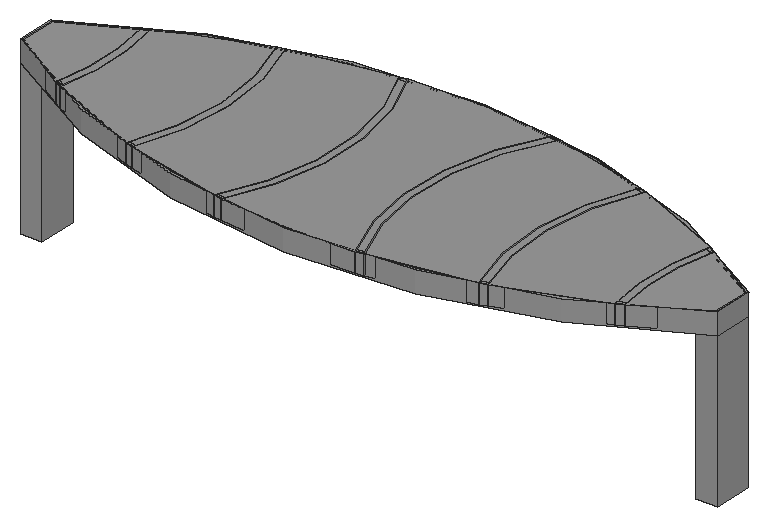
Revit family "14859 Скамейка стальная овальная «Регби» Хоббика", category Антураж, Revit 2018
Family settings
  На основе рабочей плоскости = Нет
  Всегда вертикально = Да
  При загрузке вырезать с полостями = Нет
  Источник визуального образа = Геометрия семейства
  Общий = Нет
  Точка расчета площади = Нет
Parameters (values of type "Скамейка стальная овальная «Регби»")
  Ширина = 650 mm  # constant formula
  Цвет сидения = HPL
  Цвет каркаса = Сталь
  Описание = "Скамейка стальная овальная «Регби»"  # constant formula
  Материал изделия = "Сталь, HPL"  # constant formula
  Изображение типоразмера = Скамейка стальная овальная «Регби» Арт 14859.jpg
  Изготовитель = "ООО «Хоббика»"  # constant formula
  Длина = 1800 mm  # constant formula
  Группа модели = "Скамейки"  # constant formula
  Высота = 450 mm  # constant formula
  Артикул товара = "Арт. 14859"  # constant formula
  URL = "https://hobbyka.ru/product/skameyka_ovalnaya_regbi/"
Reference planes
  plane 1 "По центру (Вперед/Назад)": y = 0
  plane 2: z = 0
  plane 3 "По центру (Влево/Вправо)": x = 0
  plane 4: x = 1800
  plane 5: y = 650
  plane 6: z = 450
Forms (mm)
  Sweep 1, solid, material "Сталь" <- "Цвет каркаса"
    path origin (0, 0, 0) x (1, 0, 0) y (0, 1, 0)
      loop
        line (0, 375) -> (0, 275)
        arc (0, 275) -> (900, 0) -> (1800, 275) r 1610.227
        line (1800, 275) -> (1800, 375)
        arc (1800, 375) -> (900, 650) -> (0, 375) r 1610.227
    profile origin (0, 325, 0) x (1, 0, 0) y (0, 0, 1)
      loop
        line (0, 450) -> (0, 395) -> (55, 395) -> (55, 400) -> (5, 400) -> (5, 450) -> (0, 450)
  Extrusion 2, solid, material "Сталь" <- "Цвет каркаса"
    sketch origin (0, 0, 0) x (1, 0, 0) y (0, 1, 0)
      loop
        line (0, 375) -> (0, 275) -> (55, 275) -> (55, 375) -> (0, 375)
      loop
        line (1745, 375) -> (1745, 275) -> (1800, 275) -> (1800, 375) -> (1745, 375)
    from 0 to 395
  Extrusion 3, solid, material "Сталь" <- "Цвет каркаса"
    sketch origin (0, 0, 0) x (1, 0, 0) y (0, 1, 0)
      loop
        arc (692.21, 631.625) -> (779.616, 325.884) -> (705.064, 16.758) r 624.206
        arc (705.064, 16.758) -> (715.731, 15.496) -> (726.405, 14.306) r 1605.227
        arc (726.405, 14.306) -> (799.62, 325.908) -> (713.824, 634.283) r 644.206
        arc (713.824, 634.283) -> (703.013, 632.991) -> (692.21, 631.625) r 1605.227
      loop
        arc (423.162, 572.541) -> (479.643, 324.535) -> (432.495, 74.586) r 624.206
        arc (432.495, 74.586) -> (442.119, 71.689) -> (451.761, 68.852) r 1605.227
        arc (451.761, 68.852) -> (499.645, 324.591) -> (442.463, 578.413) r 644.206
        arc (442.463, 578.413) -> (432.803, 575.508) -> (423.162, 572.541) r 1605.227
      loop
        arc (160.981, 464.766) -> (179.653, 323.987) -> (166.021, 182.632) r 624.206
        arc (166.021, 182.632) -> (175.225, 177.937) -> (184.459, 173.302) r 1605.227
        arc (184.459, 173.302) -> (199.656, 324.004) -> (179.244, 474.09) r 644.206
        arc (179.244, 474.09) -> (170.098, 469.457) -> (160.981, 464.766) r 1605.227
      loop
        arc (1107.79, 631.625) -> (1096.987, 632.991) -> (1086.176, 634.283) r 1605.227
        arc (1086.176, 634.283) -> (1000.38, 325.908) -> (1073.595, 14.306) r 644.206
        arc (1073.595, 14.306) -> (1084.269, 15.496) -> (1094.936, 16.758) r 1605.227
        arc (1094.936, 16.758) -> (1020.384, 325.884) -> (1107.79, 631.625) r 624.206
      loop
        arc (1376.838, 572.541) -> (1367.197, 575.508) -> (1357.537, 578.413) r 1605.227
        arc (1357.537, 578.413) -> (1300.355, 324.591) -> (1348.239, 68.852) r 644.206
        arc (1348.239, 68.852) -> (1357.881, 71.689) -> (1367.505, 74.586) r 1605.227
        arc (1367.505, 74.586) -> (1320.357, 324.535) -> (1376.838, 572.541) r 624.206
      loop
        arc (1639.019, 464.766) -> (1629.902, 469.457) -> (1620.756, 474.09) r 1605.227
        arc (1620.756, 474.09) -> (1600.344, 324.004) -> (1615.541, 173.302) r 644.206
        arc (1615.541, 173.302) -> (1624.775, 177.937) -> (1633.979, 182.632) r 1605.227
        arc (1633.979, 182.632) -> (1620.347, 323.987) -> (1639.019, 464.766) r 624.206
    from 400 to 450
  Extrusion 4, solid, material "HPL" <- "Цвет сидения"
    sketch origin (0, 0, 0) x (1, 0, 0) y (0, 1, 0)
      loop
        line (5, 372.338) -> (5, 277.662)
        arc (5, 277.662) -> (84.126, 227.8) -> (166.021, 182.632) r 1605.227
        arc (166.021, 182.632) -> (179.653, 323.987) -> (160.981, 464.766) r 624.206
        arc (160.981, 464.766) -> (81.684, 420.756) -> (5, 372.338) r 1605.227
      loop
        line (1795, 277.662) -> (1795, 372.338)
        arc (1795, 372.338) -> (1718.316, 420.756) -> (1639.019, 464.766) r 1605.227
        arc (1639.019, 464.766) -> (1620.347, 323.987) -> (1633.979, 182.632) r 624.206
        arc (1633.979, 182.632) -> (1715.874, 227.8) -> (1795, 277.662) r 1605.227
      loop
        arc (184.459, 173.302) -> (306.421, 118.779) -> (432.495, 74.586) r 1605.227
        arc (432.495, 74.586) -> (479.643, 324.535) -> (423.162, 572.541) r 624.206
        arc (423.162, 572.541) -> (299.183, 528.32) -> (179.244, 474.09) r 1605.227
        arc (179.244, 474.09) -> (199.656, 324.004) -> (184.459, 173.302) r 644.206
      loop
        arc (451.761, 68.852) -> (577.395, 37.751) -> (705.126, 16.873) r 1605.227
        arc (705.126, 16.873) -> (779.616, 325.879) -> (692.282, 631.504) r 624.206
        arc (692.282, 631.504) -> (566.315, 609.935) -> (442.463, 578.413) r 1605.227
        arc (442.463, 578.413) -> (499.645, 324.591) -> (451.761, 68.852) r 644.206
      loop
        arc (726.459, 14.408) -> (900, 5) -> (1073.541, 14.408) r 1605.227
        arc (1073.541, 14.408) -> (1000.38, 325.903) -> (1086.113, 634.174) r 644.206
        arc (1086.113, 634.174) -> (900, 645) -> (713.887, 634.174) r 1605.227
        arc (713.887, 634.174) -> (799.62, 325.903) -> (726.459, 14.408) r 644.206
      loop
        arc (1094.874, 16.873) -> (1222.605, 37.751) -> (1348.239, 68.852) r 1605.227
        arc (1348.239, 68.852) -> (1300.355, 324.591) -> (1357.537, 578.413) r 644.206
        arc (1357.537, 578.413) -> (1233.685, 609.935) -> (1107.718, 631.504) r 1605.227
        arc (1107.718, 631.504) -> (1020.384, 325.879) -> (1094.874, 16.873) r 624.206
      loop
        arc (1367.505, 74.586) -> (1493.579, 118.779) -> (1615.541, 173.302) r 1605.227
        arc (1615.541, 173.302) -> (1600.344, 324.004) -> (1620.756, 474.09) r 644.206
        arc (1620.756, 474.09) -> (1500.817, 528.32) -> (1376.838, 572.541) r 1605.227
        arc (1376.838, 572.541) -> (1320.357, 324.535) -> (1367.505, 74.586) r 624.206
    from 400 to 450
Dimensions and locks
  "Длина": plane 3 "По центру (Влево/Вправо)" to plane 4
  "Ширина": plane 5 to plane 1 "По центру (Вперед/Назад)"
  "Высота": plane 6 to plane 2
  aligned and locked: level to plane 2
Automatic sketch dimensions
  plane 3 "По центру (Влево/Вправо)" to Sweep 1 sketch curve = 900 mm  (x2)
  plane 1 "По центру (Вперед/Назад)" to Sweep 1 sketch curve = 960.227 mm
  Sweep 1 sketch curve to plane 1 "По центру (Вперед/Назад)" = 275 mm
  Sweep 1 sketch curve to Sweep 1 sketch curve = 100 mm
  plane 5 to Sweep 1 sketch curve = 960.227 mm
  Sweep 1 sketch curve to plane 4 = 0 mm
  Sweep 1 sketch curve to plane 3 "По центру (Влево/Вправо)" = 0 mm
  profile plane to Sweep 1 sketch curve = 0 mm
  Sweep 1 sketch curve to Sweep 1 sketch curve = 5 mm  (x2)
  Sweep 1 sketch curve to Sweep 1 sketch curve = 55 mm
  level to Sweep 1 sketch curve = 395 mm
  Sweep 1 sketch curve to Sweep 1 sketch curve = 50 mm
  Extrusion 2 sketch curve to plane 3 "По центру (Влево/Вправо)" = 0 mm
  Extrusion 2 sketch curve to plane 4 = 0 mm
  plane 3 "По центру (Влево/Вправо)" to Extrusion 2 sketch curve = 55 mm
  Extrusion 2 sketch curve to Extrusion 2 sketch curve = 55 mm
  Extrusion 2 sketch curve to plane 1 "По центру (Вперед/Назад)" = 275 mm  (x2)
  Extrusion 2 sketch curve to Extrusion 2 sketch curve = 100 mm  (x2)
  Extrusion 3 sketch curve to Extrusion 3 sketch curve = 0 mm  (x31)
  Extrusion 3 sketch curve to plane 3 "По центру (Влево/Вправо)" = 144.453 mm
  Extrusion 3 sketch curve to Extrusion 3 sketch curve = 300 mm  (x2)
  plane 3 "По центру (Влево/Вправо)" to Extrusion 3 sketch curve = 155.547 mm
  plane 3 "По центру (Влево/Вправо)" to Extrusion 3 sketch curve = 899 mm  (x2)
  Extrusion 3 sketch curve to Extrusion 3 sketch curve = 1 mm  (x4)
  Extrusion 3 sketch curve to plane 4 = 155.547 mm
  plane 4 to Extrusion 3 sketch curve = 144.453 mm
  plane 1 "По центру (Вперед/Назад)" to Extrusion 3 sketch curve = 960.227 mm
  Extrusion 3 sketch curve to plane 1 "По центру (Вперед/Назад)" = 312.838 mm  (x3)
  plane 5 to Extrusion 3 sketch curve = 960.227 mm
  Extrusion 3 sketch curve to Extrusion 3 sketch curve = 5.434 mm
  Extrusion 3 sketch curve to Extrusion 3 sketch curve = 10.475 mm
  Extrusion 3 sketch curve to Extrusion 3 sketch curve = 18.263 mm  (x2)
  Extrusion 3 sketch curve to Extrusion 3 sketch curve = 18.438 mm  (x2)
  Extrusion 3 sketch curve to plane 5 = 77.459 mm
  Extrusion 3 sketch curve to Extrusion 3 sketch curve = 243.917 mm
  Extrusion 3 sketch curve to plane 1 "По центру (Вперед/Назад)" = 74.586 mm
  Extrusion 3 sketch curve to Extrusion 3 sketch curve = 19.301 mm
  Extrusion 3 sketch curve to plane 5 = 18.375 mm
  Extrusion 3 sketch curve to Extrusion 3 sketch curve = 249.747 mm
  Extrusion 3 sketch curve to plane 1 "По центру (Вперед/Назад)" = 16.758 mm  (x2)
  Extrusion 3 sketch curve to plane 5 = 15.717 mm  (x2)
  Extrusion 3 sketch curve to plane 1 "По центру (Вперед/Назад)" = 14.306 mm
  Extrusion 3 sketch curve to Extrusion 3 sketch curve = 347.189 mm
  Extrusion 3 sketch curve to plane 1 "По центру (Вперед/Назад)" = 68.852 mm
  Extrusion 3 sketch curve to Extrusion 3 sketch curve = 253.303 mm
  Extrusion 3 sketch curve to plane 5 = 71.587 mm
  Extrusion 3 sketch curve to Extrusion 3 sketch curve = 19.267 mm
  Extrusion 3 sketch curve to Extrusion 3 sketch curve = 28.912 mm
  Extrusion 3 sketch curve to Extrusion 3 sketch curve = 23.698 mm
  plane 3 "По центру (Влево/Вправо)" to Extrusion 4 sketch curve = 5 mm
  Extrusion 4 sketch curve to plane 5 = 277.662 mm
  Extrusion 4 sketch curve to plane 4 = 5 mm
  Extrusion 4 sketch curve to Extrusion 4 sketch curve = 94.676 mm  (x2)
  plane 3 "По центру (Влево/Вправо)" to Extrusion 4 sketch curve = 160.981 mm
  Extrusion 4 sketch curve to Extrusion 4 sketch curve = 0 mm  (x37)
  Extrusion 4 sketch curve to Extrusion 4 sketch curve = 18.263 mm  (x2)
  Extrusion 4 sketch curve to plane 3 "По центру (Влево/Вправо)" = 144.453 mm
  Extrusion 4 sketch curve to Extrusion 4 sketch curve = 35.176 mm  (x3)
  Extrusion 4 sketch curve to plane 5 = 77.459 mm
  Extrusion 4 sketch curve to Extrusion 4 sketch curve = 19.301 mm  (x2)
  Extrusion 4 sketch curve to Extrusion 4 sketch curve = 10.475 mm  (x2)
  Extrusion 4 sketch curve to Extrusion 4 sketch curve = 150.547 mm
  plane 4 to Extrusion 4 sketch curve = 144.453 mm
  Extrusion 4 sketch curve to Extrusion 4 sketch curve = 130.206 mm
  Extrusion 4 sketch curve to plane 5 = 18.496 mm
  Extrusion 4 sketch curve to Extrusion 4 sketch curve = 249.819 mm
  Extrusion 4 sketch curve to plane 1 "По центру (Вперед/Назад)" = 16.873 mm  (x2)
  Extrusion 4 sketch curve to Extrusion 4 sketch curve = 21.605 mm  (x2)
  Extrusion 4 sketch curve to plane 1 "По центру (Вперед/Назад)" = 14.408 mm  (x2)
  Extrusion 4 sketch curve to Extrusion 4 sketch curve = 21.333 mm  (x2)
  Extrusion 4 sketch curve to plane 5 = 15.826 mm
  Extrusion 4 sketch curve to plane 1 "По центру (Вперед/Назад)" = 68.852 mm
  Extrusion 4 sketch curve to Extrusion 4 sketch curve = 300 mm  (x2)
  Extrusion 4 sketch curve to Extrusion 4 sketch curve = 18.438 mm  (x2)
  Extrusion 4 sketch curve to Extrusion 4 sketch curve = 5.434 mm
  Extrusion 4 sketch curve to plane 1 "По центру (Вперед/Назад)" = 277.662 mm
  Extrusion 4 sketch curve to Extrusion 4 sketch curve = 19.267 mm  (x2)
  Extrusion 4 sketch curve to Extrusion 4 sketch curve = 253.365 mm
  Extrusion 4 sketch curve to Extrusion 4 sketch curve = 5.734 mm
  plane 3 "По центру (Влево/Вправо)" to Extrusion 4 sketch curve = 900 mm
